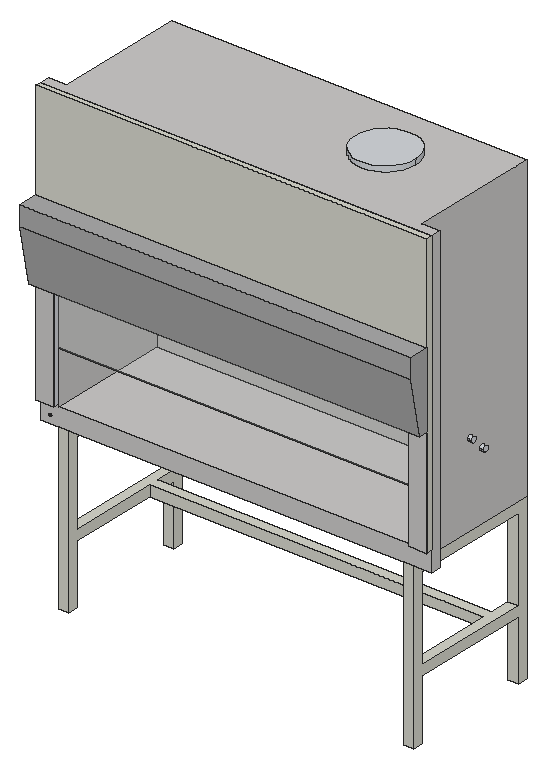
Revit family
Parameters (values of type "600 - 36" WORK SURFACE HEIGHT")
  control panel = 2' - 6 13/16"
  WORK SURFACE HEIGHT = 2' - 8 1/2"
  WIDTH = 6' - 5 5/8"
  Type Comments = "Contact Sales for Info: 800-328-3352, 888-4-NUAIRE, www.nuaire.com"
  Room Inflow = 105 CFM
  RING SIZE = 0' - 6"
  Model = "NU-427-600"
  Manufacturer = "Nuaire Inc.  2100 Fernbrook Lane, Plymouth, MN 55447 USA"
  Exhaust Flow = 410 CFM
  EXHAUST RING SIDE = 1' - 9 15/16"
  EXHAUST RING BACK = 1' - 0"
  Description = "Class II Type B1 Biological Safety Cabinet"
  DEPTH = 2' - 4"
  Coupling [instance] = 0' - 0 1/2"
Types (7): name | control panel | WORK SURFACE HEIGHT | WIDTH | Model | Exhaust Flow | EXHAUST RING SIDE
  (no name) | 2' - 6 13/16" | 2' - 8 1/2" | 6' - 5 5/8" | "NU-427-600" | 410 CFM | 1' - 9 15/16"
  400 - 30" WORK SURFACE HEIGHT | 1' - 6 13/16" | 2' - 2 1/2" | 4' - 5 5/8" | "NU-427-400" | 271 CFM | 1' - 4 1/8"
  400 - 36" WORK SURFACE HEIGHT | 1' - 6 13/16" | 2' - 8 1/2" | 4' - 5 5/8" | "NU-427-400" | 271 CFM | 1' - 4 1/8"
  600 - 30" WORK SURFACE HEIGHT | 2' - 6 13/16" | 2' - 2 1/2" | 6' - 5 5/8" | "NU-427-600" | 410 CFM | 1' - 9 15/16"
  600 - 36" WORK SURFACE HEIGHT | 2' - 6 13/16" | 2' - 8 1/2" | 6' - 5 5/8" | "NU-427-600" | 410 CFM | 1' - 9 15/16"
  500-30" WORK SURFACE HEIGHT | 2' - 0 13/16" | 2' - 2 1/2" | 5' - 5 5/8" | "NU-427-500" | 338 CFM | 1' - 7 1/8"
  500-36" WORK SURFACE HEIGHT | 2' - 0 13/16" | 2' - 8 1/2" | 5' - 5 5/8" | "NU-427-500" | 338 CFM | 1' - 7 1/8"
Reference planes (in)
  plane 1 "Center (Front/Back)": y = -37.77497
  plane 2: z = 0
  plane 3 "Center (Left/Right)": x = -17.66461
  plane 4: x = -56.47711
  plane 5: x = 21.14789
  plane 6: y = -23.77497
  plane 7: y = -51.77497
  plane 8: z = 32.5
  plane 9: z = 92.5
  plane 10: z = 14
Forms (in)
  Extrusion 1, solid
    sketch origin (-57.625, 3.875, 0) x (1, 0, 0) y (0, 1, 0)
      loop
        line (1.14789, -55.64997) -> (78.77289, -55.64997) -> (78.77289, -53.64997) -> (75.21039, -53.64997) -> (75.21039, -27.64997) -> (4.71039, -27.64997) -> (4.71039, -53.64997) -> (1.14789, -53.64997) -> (1.14789, -55.64997)
    from 32.5 to 92.5
  Extrusion 2, solid
    sketch origin (0, 0, 0) x (1, 0, 0) y (0, 1, 0)
      loop
        line (-52.91461, -23.77497) -> (-52.91461, -25.77497) -> (-50.91461, -25.77497) -> (-50.91461, -23.77497) -> (-52.91461, -23.77497)
      loop
        line (17.58539, -23.77497) -> (15.58539, -23.77497) -> (15.58539, -25.77497) -> (17.58539, -25.77497) -> (17.58539, -23.77497)
      loop
        line (17.58539, -51.77497) -> (17.58539, -49.77497) -> (15.58539, -49.77497) -> (15.58539, -51.77497) -> (17.58539, -51.77497)
      loop
        line (-52.91461, -49.77497) -> (-52.91461, -51.77497) -> (-50.91461, -51.77497) -> (-50.91461, -49.77497) -> (-52.91461, -49.77497)
    from 0 to 32.5
  Extrusion 3, solid
    sketch origin (-17.66461, 0, 0) x (0, 1, 0) y (0, 0, 1)
      loop
        circle (-35.08747, 46.3125) r 0.5
    from 35.25 to 36.25
  Extrusion 4, solid
    sketch origin (-17.66461, 0, 0) x (0, 1, 0) y (0, 0, 1)
      loop
        circle (-38.08747, 49.3125) r 0.5
    from 35.25 to 36.25
  Extrusion 5, solid
    sketch origin (0, -37.77497, 0) x (1, 0, 0) y (0, 0, 1)
      loop
        line (-52.91461, 36.5) -> (-52.91461, 58) -> (17.58539, 58) -> (17.58539, 36.5) -> (21.14789, 36.5) -> (21.14789, 92.5) -> (-56.47711, 92.5) -> (-56.47711, 36.5) -> (-52.91461, 36.5)
    from 14 to 15.125
  Extrusion 6, solid
    sketch origin (-17.66461, 0, 0) x (0, 1, 0) y (0, 0, 1)
      loop
        line (-52.89997, 58) -> (-52.89997, 73) -> (-56.89997, 73) -> (-56.89997, 69) -> (-54.64997, 58) -> (-52.89997, 58)
    from -38.8125 to 38.8125
  Extrusion 7, solid
    sketch origin (0, 0, 0) x (1, 0, 0) y (0, 1, 0)
      loop
        line (-52.91461, -25.77497) -> (-52.91461, -49.77497) -> (-50.91461, -49.77497) -> (-50.91461, -25.77497) -> (-52.91461, -25.77497)
      loop
        line (15.58539, -25.77497) -> (15.58539, -49.77497) -> (17.58539, -49.77497) -> (17.58539, -25.77497) -> (15.58539, -25.77497)
    from 30.5 to 32.5
  Extrusion 8, solid
    sketch origin (0, 0, 0) x (1, 0, 0) y (0, 1, 0)
      loop
        line (-52.91461, -25.77497) -> (-52.91461, -49.77497) -> (-50.91461, -49.77497) -> (-50.91461, -25.77497) -> (-52.91461, -25.77497)
      loop
        line (15.58539, -25.77497) -> (15.58539, -49.77497) -> (17.58539, -49.77497) -> (17.58539, -25.77497) -> (15.58539, -25.77497)
    from 12 to 14
  Extrusion 9, solid
    sketch origin (0, 0, 0) x (1, 0, 0) y (0, 1, 0)
      loop
        line (-50.91461, -29.77497) -> (-50.91461, -31.77497) -> (15.58539, -31.77497) -> (15.58539, -29.77497) -> (-50.91461, -29.77497)
    from 12 to 14
  Extrusion 10, solid
    sketch origin (0, -36.27497, 0) x (1, 0, 0) y (0, 0, 1)
      loop
        circle (-54.5927, 34) r 0.25
    from 15.5 to 7.5
  Extrusion 11, void
    sketch origin (0, -37.77497, -0.5) x (1, 0, 0) y (0, 0, 1)
      loop
        line (-52.85211, 36.5) -> (17.52289, 36.5) -> (17.52289, 65) -> (-52.85211, 65) -> (-52.85211, 36.5)
    from -10.38082 to 14
  Extrusion 12, solid
    sketch origin (0, -37.77497, 0) x (1, 0, 0) y (0, 0, 1)
      loop
        line (-52.91461, 46.5) -> (17.58539, 46.5) -> (17.58539, 58) -> (-52.91461, 58) -> (-52.91461, 46.5)
    from 14.25272 to 14
  Extrusion 13, solid
    sketch origin (0, -37.64785, 0) x (1, 0, 0) y (0, 0, 1)
      loop
        line (-56.47711, 58) -> (-56.47711, 36.5) -> (-52.91461, 36.5) -> (-52.91461, 58) -> (-56.47711, 58)
      loop
        line (21.14789, 58) -> (17.58539, 58) -> (17.58539, 36.5) -> (21.14789, 36.5) -> (21.14789, 58)
    from 15.25212 to 15.37712
  Extrusion 14, solid
    sketch origin (-12.22236, -4.23452, 0) x (1, 0, 0) y (0, 1, 0)
      loop
        circle (11.43275, -31.54045) r 6
    from 92.5 to 93.5
Cuts and joins
  Extrusion 11 cuts Extrusion 1
  joined: Extrusion 2, Extrusion 7, Extrusion 8, Extrusion 9
Lines and regions (in)
  model lines
    curve 1: line (-52.91461, -51.77497, 36.5) -> (17.58539, -51.77497, 36.5)
    curve 2: line (-52.91461, -51.77497, 46.5) -> (17.58539, -51.77497, 46.5)
    curve 3: spline (-25.66461, -55.75976, 63.42564) -> (-25.39201, -55.91536, 64.18634) -> (-24.59281, -56.06036, 64.89521) -> (-23.32146, -56.18487, 65.50392) -> (-21.66461, -56.28041, 65.97101) -> (-19.73516, -56.34046, 66.26463) -> (-17.66461, -56.36095, 66.36478) -> (-15.59405, -56.34046, 66.26463) -> (-13.66461, -56.28041, 65.97101) -> (-12.00775, -56.18487, 65.50392) -> (-10.7364, -56.06036, 64.89521) -> (-9.9372, -55.91536, 64.18634) -> (-9.66461, -55.75976, 63.42564) -> (-9.9372, -55.60416, 62.66493) -> (-10.7364, -55.45917, 61.95606) -> (-12.00775, -55.33466, 61.34735) -> (-13.66461, -55.23912, 60.88026) -> (-15.59405, -55.17906, 60.58664) -> (-17.66461, -55.15857, 60.48649) -> (-19.73516, -55.17906, 60.58664) -> (-21.66461, -55.23912, 60.88026) -> (-23.32146, -55.33466, 61.34735) -> (-24.59281, -55.45917, 61.95606) -> (-25.39201, -55.60416, 62.66493) -> (-25.66461, -55.75976, 63.42564)
Dimensions and locks (in)
  locked: plane 9 to plane 8 at 60
  equal spacing: plane 6, plane 1 "Center (Front/Back)", plane 7
  "DEPTH": plane 6 to plane 7
  equal spacing: plane 4, plane 3 "Center (Left/Right)", plane 5
  "WIDTH": plane 5 to plane 4
  "WORK SURFACE HEIGHT": plane 2 to plane 8
  Extrusion 1 sketch curve to Extrusion 1 sketch curve to Extrusion 1 sketch curve = 0' - 3 9/16" locked, 5' - 10 1/2"
  locked: Extrusion 1 sketch curve to Extrusion 1 sketch curve at 3.5625
  Extrusion 1 sketch curve to Extrusion 1 sketch curve to Extrusion 1 sketch curve = 2' - 2", 0' - 2" locked
  Extrusion 2 sketch curve to Extrusion 2 sketch curve to Extrusion 2 sketch curve = 0' - 2" locked, 2' - 0"  (x2)
  Extrusion 2 sketch curve to Extrusion 2 sketch curve to Extrusion 2 sketch curve = 0' - 2" locked, 5' - 6 1/2"  (x2)
  locked: Extrusion 2 sketch curve to Extrusion 2 sketch curve at 2  (x4)
  locked: Extrusion 1 to Extrusion 3 sketch curve at 13.8125
  locked: Extrusion 3 sketch curve to Extrusion 1 at 11.3125
  locked: Extrusion 4 sketch curve to Extrusion 1 at 14.3125
  locked: Extrusion 1 to Extrusion 4 sketch curve at 16.8125
  locked: Extrusion 3 to Extrusion 1 at 1
  locked: Extrusion 5 sketch curve to Extrusion 1 at 4
  locked: Extrusion 5 sketch curve to Extrusion 1 at 25.5
  locked: Extrusion 1 to Extrusion 5 at 1.125
  locked: Extrusion 6 sketch curve to Extrusion 6 sketch curve at 4  (x2)
  locked: Extrusion 7 to Extrusion 7 at 2
  locked: Extrusion 8 to Extrusion 8 at 2
  locked: plane 8 to plane 10 at 18.5
  equal spacing: Extrusion 9 sketch curve, Extrusion 9 sketch curve, Extrusion 6
  locked: Extrusion 9 sketch curve to plane 6 at 6
  "control panel": curve 3 to plane 4
  locked: Extrusion 1 to Extrusion 10 sketch curve at 1.8844
  locked: Extrusion 1 to Extrusion 10 sketch curve at 1.5
  Extrusion 1 to Extrusion 10 = 0' - 2"
  cut or joined group of Extrusion 1, Extrusion 11 to cut or joined group of Extrusion 1, Extrusion 11 = 0' - 3.61918"
  cut or joined group of Extrusion 1, Extrusion 11 to Extrusion 12 = 0' - 0.25272"
  cut or joined group of Extrusion 2, Extrusion 7, Extrusion 8, Extrusion 9 to cut or joined group of Extrusion 1, Extrusion 11 = 7' - 8 1/2"
  Extrusion 6 to cut or joined group of Extrusion 1, Extrusion 11 = 2' - 9 1/8"
  cut or joined group of Extrusion 2, Extrusion 7, Extrusion 8, Extrusion 9 to Extrusion 3 = 3' - 10 5/16"
  cut or joined group of Extrusion 2, Extrusion 7, Extrusion 8, Extrusion 9 to Extrusion 4 = 4' - 1 5/16"
  connector elem to cut or joined group of Extrusion 2, Extrusion 7, Extrusion 8, Extrusion 9 = 0' - 11 5/16"
  connector elem to cut or joined group of Extrusion 2, Extrusion 7, Extrusion 8, Extrusion 9 = 1' - 2 5/16"
  cut or joined group of Extrusion 2, Extrusion 7, Extrusion 8, Extrusion 9 to cut or joined group of Extrusion 2, Extrusion 7, Extrusion 8, Extrusion 9 = 2' - 4"
  "EXHAUST RING BACK": cut or joined group of Extrusion 1, Extrusion 11 to Extrusion 14 sketch curve
  "EXHAUST RING SIDE": Extrusion 14 sketch curve to cut or joined group of Extrusion 1, Extrusion 11
  plane 1 "Center (Front/Back)" to cut or joined group of Extrusion 1, Extrusion 11 = 1' - 2"
  locked: Extrusion 14 to Extrusion 5 at 1
  "Coupling": radius of Extrusion 3 sketch curve
  "Coupling": radius of Extrusion 4 sketch curve
  radius of Extrusion 14 sketch curve = 0' - 6"
  aligned: level to plane 2
  aligned and locked: plane 7 to Extrusion 1 sketch curve
  aligned and locked: Extrusion 1 sketch curve to plane 5
  aligned and locked: Extrusion 1 sketch curve to Extrusion 1 sketch curve
  aligned and locked: plane 9 to Extrusion 1
  aligned and locked: Extrusion 1 to plane 8
  aligned and locked: Extrusion 1 to plane 4
  aligned and locked: Extrusion 2 sketch curve to Extrusion 1  (x3)
  aligned and locked: Extrusion 1 to Extrusion 2 sketch curve
  aligned and locked: Extrusion 2 to level
  aligned and locked: plane 8 to Extrusion 2
  aligned and locked: Extrusion 2 to Extrusion 1
  aligned and locked: Extrusion 1 to Extrusion 2
  aligned and locked: Extrusion 3 to Extrusion 1
  aligned and locked: Extrusion 3 to Extrusion 4
  aligned and locked: Extrusion 4 to Extrusion 1
  aligned and locked: Extrusion 5 sketch curve to Extrusion 5 sketch curve
  aligned and locked: Extrusion 5 sketch curve to Extrusion 1  (x3)
  aligned and locked: Extrusion 1 to Extrusion 5 sketch curve  (x2)
  aligned and locked: Extrusion 5 to plane 7
  aligned and locked: Extrusion 6 to plane 4
  aligned and locked: Extrusion 6 to plane 5
  aligned and locked: Extrusion 2 to Extrusion 7 sketch curve  (x2)
  aligned and locked: Extrusion 7 sketch curve to Extrusion 2  (x4)
  aligned and locked: Extrusion 1 to Extrusion 7 sketch curve
  aligned and locked: Extrusion 7 sketch curve to Extrusion 1
  aligned: plane 8 to Extrusion 7
  aligned and locked: Extrusion 7 to Extrusion 1
  aligned and locked: Extrusion 8 sketch curve to Extrusion 7  (x3)
  aligned and locked: Extrusion 8 sketch curve to Extrusion 2  (x3)
  aligned and locked: Extrusion 1 to Extrusion 8 sketch curve
  aligned and locked: Extrusion 8 sketch curve to Extrusion 1
  aligned: plane 10 to Extrusion 8
  aligned and locked: plane 10 to Extrusion 8
  aligned and locked: Extrusion 8 to Extrusion 9  (x2)
  aligned: Extrusion 10 to Extrusion 1
  aligned and locked: cut or joined group of Extrusion 1, Extrusion 11 to Extrusion 12 sketch curve
  aligned and locked: Extrusion 12 sketch curve to curve 2
  aligned and locked: Extrusion 5 to Extrusion 12 sketch curve
  aligned and locked: Extrusion 12 sketch curve to Extrusion 5
  aligned and locked: Extrusion 12 to plane 7
  aligned and locked: Extrusion 13 sketch curve to Extrusion 6  (x4)
  aligned and locked: Extrusion 13 sketch curve to curve 1
  aligned and locked: Extrusion 13 sketch curve to Extrusion 5  (x2)
  aligned and locked: curve 1 to Extrusion 13 sketch curve
  aligned and locked: Extrusion 13 to Extrusion 5
  aligned and locked: Extrusion 14 to plane 9
  aligned and locked: plane 7 to Extrusion 10
Automatic sketch dimensions
  plane 7 to Extrusion 6 sketch curve = 0' - 5 1/8"
  Extrusion 6 sketch curve to Extrusion 6 sketch curve = 0' - 1 3/4"
  plane 8 to Extrusion 6 sketch curve = 2' - 1 1/2"
  Extrusion 6 sketch curve to Extrusion 6 sketch curve = 0' - 11"
  Extrusion 1 to curve 2 = 0' - 3 9/16"  (x2)
  Extrusion 1 to curve 1 = 0' - 3 9/16"  (x2)
  Extrusion 1 to curve 1 = 0' - 4"
  curve 1 to curve 2 = 0' - 10"
  plane 4 to Extrusion 9 sketch curve = 0' - 5 9/16"
  plane 5 to Extrusion 9 sketch curve = 0' - 5 9/16"
  Extrusion 9 sketch curve to Extrusion 9 sketch curve = 0' - 2"
  Extrusion 6 to curve 3 = 0' - 5.53797"
  curve 3 to curve 3 = 0' - 8"
  plane 4 to Extrusion 11 sketch curve = 0' - 3 5/8"
  plane 5 to Extrusion 11 sketch curve = 0' - 3 5/8"
  plane 8 to Extrusion 11 sketch curve = 0' - 3 1/2"
  Extrusion 11 sketch curve to plane 9 = 2' - 4"
  radius of Extrusion 10 sketch curve = 0' - 0 1/4"
Connectors (in)
  piping at (18.58539, -35.08747, 46.3125), driven by "Coupling"
    settings: on Extrusion 3, index 1, connector radius 1/2", flow factor 0, pipe flow 0 GPM, pressure drop 0.00 psi, fitting loss kfactor 0, connector angle 0.00°, fixture units 0, flow configuration 2, flow direction 1, fitting loss method 0, system type 7, connector reference index -1, connector utility 0, adjustable connector no, is connector primary yes, fitting loss table "", connector description ""
  piping at (18.58539, -38.08747, 49.3125), driven by "Coupling"
    settings: on Extrusion 4, index 2, connector radius 1/2", flow factor 0, pipe flow 0 GPM, pressure drop 0.00 psi, fitting loss kfactor 0, connector angle 0.00°, fixture units 0, flow configuration 0, flow direction 0, fitting loss method 0, system type 28, connector reference index -1, connector utility 0, adjustable connector no, is connector primary no, fitting loss table "", connector description ""
  electrical at (-54.5927, -51.77497, 34)
    settings: on Extrusion 10, index 4, voltage 115 V, apparent load 0 VA, apparent load phase1 0 VA, apparent load phase2 0 VA, apparent load phase3 0 VA, power factor 1, load classification "Power", number of poles 1, system type 31, power factor state 1, is connector primary yes, connector utility no, sub classification motor no, connector description "12 Ft. Power Cord 14 Ga. 3 wire, 15 Amp"
  hvac at (-0.78961, -35.77497, 93.5), driven by "RING SIZE"
    settings: on Extrusion 14, index 6, duct flow 0 CFM, flow factor 0, pres drop 0.00 in-wg, loss coef 0, conn angle 0.00°, conn width 12", conn height 12", conn radius 6", duct sys type 3, conn prof type 0, flow config 0, flow direction 2, loss method 0, conn ref index -1, conn util no, is conn primary yes, conn desc "Classe II Type A2 Biological Safety Cabinet"
